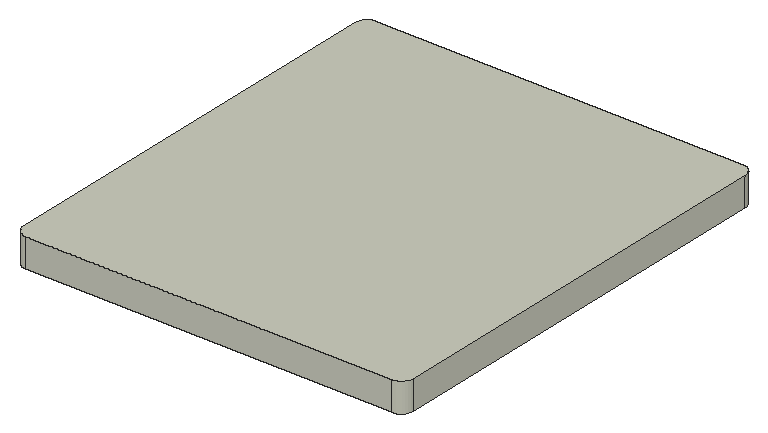
Revit family
Parameters (values of type "16" x 18"")
  Width = 16"
  Warranty = "www.haworth.com/en-us/Products/Pages/Certifications.aspx"
  URL - Product = "www.haworth.com/en-us/Industries/Healthcare/Pages/Compose-Systems.aspx"
  Sustainability Info = "www.haworth.com/en-us/About-Us/Sustainability/Pages/Vision.aspx"
  Model = "Compose"
  LEED Data = "www.haworth.com/_layouts/Haworth.ProductCatalog/Handlers/GetAsset.ashx/ComposeLEEDContributions.pdf?cid=27&rid=1824&type=Leed"
  Description = "Compose Cushion"  # constant formula
  Depth = 18"
  URL = "www.haworth.com"
  Top Thickness = 1 3/16"  # constant formula
  Size = "Verify Final Dim. w/ Haworth"  # constant formula
  Revision Number = "2"  # constant formula
  Mounting Offset [instance] = 24"
  Standard Widths = "16, 30, 36 in."  # constant formula
  Standard Depths = "18, 24, 30 in."  # constant formula
  Min. Width = 16"  # constant formula
  Max. Width = 36"  # constant formula
  Min. Depth = 18"  # constant formula
  Max. Depth = 30"  # constant formula
  Manufacturer = "Haworth"  # constant formula
  Custom Size = not(and(or(Depth = 18", Depth = 24", Depth = 30"), or(Width = 16", Width = 30", Width = 36")))  # no
  Cushion Finish = Haworth - Fabric - Crisp Backed - Mica 95-M03
  Author = "SHAPE Environments, LLC"  # constant formula
  Assembly Code = "E2020200"
  Actual Width = if(Width > Max. Width, Max. Width, if(Width < Min. Width, Min. Width, Width))  # 16"
  Actual Depth = if(Depth > Max. Depth, Max. Depth, if(Depth < Min. Depth, Min. Depth, Depth))  # 18"
Types (7): name | Width | Depth | Actual Width | Actual Depth
  36" x 24" | 36" | 24" | 36" | 24"
  36" x 18" | 36" | 18" | 36" | 18"
  30" x18" | 30" | 18" | 30" | 18"
  30" x 24" | 30" | 24" | 30" | 24"
  16" x 18" | 16" | 18" | 16" | 18"
  16" x 24" | 16" | 24" | 16" | 24"
  16" x 30" | 16" | 30" | 16" | 30"
Reference planes (in)
  plane 1 "Storage Top Center F/B": y = 0
  plane 2: z = 0
  plane 3 "Storage Top Center L/R": x = 0
  plane 4 "Left": x = -8
  plane 5 "Back": y = 9
  plane 6 "Front": y = -9
  plane 7 "Right": x = 8
  plane 8 "Top": z = 25.1875
  plane 9 "Bottom": z = 24
Forms (in)
  Extrusion 1, solid, material "Haworth - Fabric - Crisp Backed - Mica 95-M03" <- "Cushion Finish"
    sketch origin (-36.03948, -180, 24) x (-1, 0, 0) y (0, -1, 0)
      loop
        arc (-28.53948, -189) -> (-28.18593, -188.85355) -> (-28.03948, -188.5) r 0.5
        line (-28.03948, -188.5) -> (-28.03948, -171.5)
        arc (-28.03948, -171.5) -> (-28.18593, -171.14645) -> (-28.53948, -171) r 0.5
        line (-28.53948, -171) -> (-43.53948, -171)
        arc (-43.53948, -171) -> (-43.89304, -171.14645) -> (-44.03948, -171.5) r 0.5
        line (-44.03948, -171.5) -> (-44.03948, -188.5)
        arc (-44.03948, -188.5) -> (-43.89304, -188.85355) -> (-43.53948, -189) r 0.5
        line (-43.53948, -189) -> (-28.53948, -189)
    from 0 to 1.1875
Lines and regions (in)
  Masking region 1
    outline origin (0, 0, 25.1875) x (-1, 0, 0) y (0, -1, 0)
      loop
        line (8, -8.5) -> (8, 8.5)
        arc (8, 8.5) -> (7.85355, 8.85355) -> (7.5, 9) r 0.5
        line (7.5, 9) -> (-7.5, 9)
        arc (-7.5, 9) -> (-7.85355, 8.85355) -> (-8, 8.5) r 0.5
        line (-8, 8.5) -> (-8, -8.5)
        arc (-8, -8.5) -> (-7.85355, -8.85355) -> (-7.5, -9) r 0.5
        line (-7.5, -9) -> (7.5, -9)
        arc (7.5, -9) -> (7.85355, -8.85355) -> (8, -8.5) r 0.5
Dimensions and locks (in)
  equal spacing: plane 5 "Back", plane 1 "Storage Top Center F/B", plane 6 "Front"
  "Actual Depth": plane 5 "Back" to plane 6 "Front"
  equal spacing: plane 4 "Left", plane 3 "Storage Top Center L/R", plane 7 "Right"
  "Actual Width": plane 4 "Left" to plane 7 "Right"
  "Mounting Offset": plane 9 "Bottom" to level
  "Top Thickness": plane 8 "Top" to plane 9 "Bottom"
  aligned and locked: plane 5 "Back" to Extrusion 1 sketch curve
  aligned and locked: plane 7 "Right" to Extrusion 1 sketch curve
  aligned and locked: plane 6 "Front" to Extrusion 1 sketch curve
  aligned and locked: plane 4 "Left" to Extrusion 1 sketch curve
  aligned and locked: plane 8 "Top" to Extrusion 1
  aligned and locked: Extrusion 1 to plane 5 "Back"
  aligned and locked: Extrusion 1 to plane 9 "Bottom"
  aligned and locked: Masking region 1 sketch curve to Extrusion 1  (x4)
Automatic sketch dimensions
  plane 7 "Right" to Extrusion 1 sketch curve = 1/2"  (x2)
  plane 4 "Left" to Extrusion 1 sketch curve = 1/2"  (x2)
  plane 7 "Right" to Masking region 1 sketch curve = 1/2"  (x2)
  plane 4 "Left" to Masking region 1 sketch curve = 1/2"  (x2)
